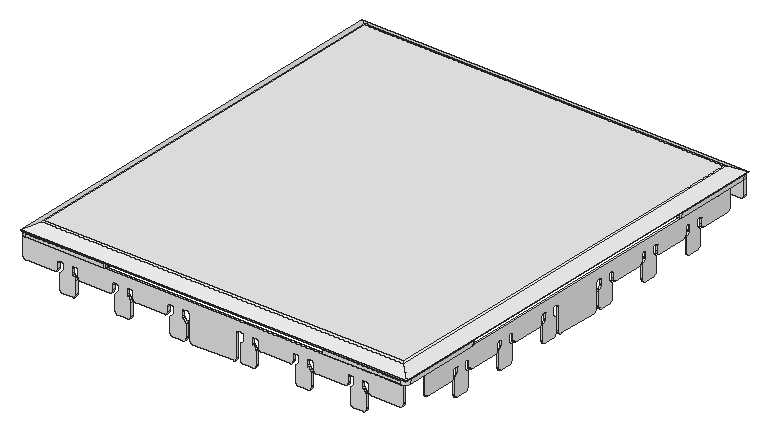
Revit family "Access_Door-Adjustable-Access-Best Access Doors-BA-RADJ", category Specialty Equipment, host Face, Revit 2017
Family settings
  Host = Face
  Round Connector Dimension = Use Diameter
  Part Type = Normal
  OmniClass Number = 23.30.10.27.17
  Cut with Voids When Loaded = No
  Shared = No
  Room Calculation Point = No
Parameters (values of type "14 x 15.5")
  Width Actual = Door Width Calc  # 14"
  URL = "https://www.bestaccessdoors.com/"
  Product data url = "https://bimobject.com/best-access-doors/product/adjustable-access-panel-cover"
  Product Page URL = ""
  Product Documentation Link = ""
  Model = "BA-RADJ"  # constant formula
  Material = ""
  Manufacturer = "Best Access Doors"  # constant formula
  Height Actual = Door Height Calc  # 15 1/2"
  Frame Depth = 1 45/128"  # constant formula
  Finish = Metal - Best Access Doors - Powder Coated White
  Door Width Calc = if(Door Width < 6", 6", if(Door Width > 15 1/2", 15 1/2", Door Width))  # 14"
  Door Width = 14"
  Door Open = no
  Door Closed [instance] = not(Door Open)  # yes
  Door Height Calc = if(Door Height < 6", 6", if(Door Height > 15 1/2", 15 1/2", Door Height))  # 15 1/2"
  Door Height = 15 1/2"
  Description = "Adjustable Access Door"  # constant formula
  Default Elevation = 0"
  Cut Out Length [instance] = 2"
  Construction Material = Metal - Best Access Doors - Aluminum
  Available Options = ""
  C Cut Out Length [instance] = if(Cut Out Length < Frame Depth, Frame Depth, Cut Out Length)  # 2"
  Assembly Code = "C1020700"
Reference planes (in)
  plane 1 "Center (Front/Back)": y = 0
  plane 2: z = 0
  plane 3 "Center (Left/Right)": x = 1
  plane 4 "Left": x = -6
  plane 5 "Right": x = 8
  plane 6 "Top": y = 7.75
  plane 7 "Bottom": y = -7.75
  plane 8: z = -2
  plane 9: z = -1.35156
Forms (in)
  Extrusion 1, void
    sketch origin (0, 0, 0) x (1, 0, 0) y (0, 1, 0)
      loop
        line (-5.75, 7.5) -> (-5.75, -7.5) -> (7.75, -7.5) -> (7.75, 7.5) -> (-5.75, 7.5)
    from -2 to 0
Dimensions and locks (in)
  equal spacing: plane 4 "Left", plane 3 "Center (Left/Right)", plane 5 "Right"
  "Door Width Calc": plane 4 "Left" to plane 5 "Right"
  equal spacing: plane 6 "Top", plane 1 "Center (Front/Back)", plane 7 "Bottom"
  "Door Height Calc": plane 6 "Top" to plane 7 "Bottom"
  "C Cut Out Length": plane 2 to plane 8
  "Frame Depth": level to plane 9
  locked: Extrusion 1 sketch curve to plane 6 "Top" at 0.25
  locked: Extrusion 1 sketch curve to plane 7 "Bottom" at 0.25
  locked: plane 4 "Left" to Extrusion 1 sketch curve at 0.25
  locked: Extrusion 1 sketch curve to plane 5 "Right" at 0.25
  aligned and locked: plane 2 to host face
  aligned and locked: level to host face
  aligned and locked: plane 2 to Extrusion 1
  aligned and locked: plane 8 to Extrusion 1
  aligned and locked: plane 3 "Center (Left/Right)" to nested 2
  aligned and locked: plane 1 "Center (Front/Back)" to nested 2
  aligned and locked: plane 3 "Center (Left/Right)" to nested 1
  aligned and locked: plane 1 "Center (Front/Back)" to nested 1
  aligned and locked: level to nested 3
  aligned and locked: plane 1 "Center (Front/Back)" to nested 3
Automatic sketch dimensions
  host sketch curve to host sketch curve = 96"  (x2)
Nested families (in)
  nested 1: "1-Door_Base" at (6, 0, 0.125), visible <- "Door Closed", type "1-Door_Base"
    with Door Width 14", Door Height 15 1/2"
  nested 2: "1-Frame_Base" at (24.5, 3.01001, 0), type "1-Frame_Base"
    with Frame Width 14", Frame Height 15 1/2"
  nested 3: "1-Door_Base" at (-6, 0, 2) x (0, 0, -1) z (-1, 0, 0), visible <- "Door Open", type "1-Door_Base"
    with Door Width 14", Door Height 15 1/2"
Definition of nested family "1-Door_Base"
  Parameters
    Finish = none
    Door Width = 6"
    Door Height = 7 1/2"
    Door Depth [instance] = 1.03057"
    Default Elevation = 48"
    Assembly Code = ""
  Reference planes (in)
    plane 1 "Center (Front/Back)": y = 0
    plane 2 "Wall": z = 0
    plane 3 "Center (Left/Right)": x = -9
    plane 4 "Left": x = -12
    plane 5 "Right": x = -6
    plane 6 "Top": y = 3.75
    plane 7 "Bottom": y = -3.75
    plane 8: y = 3.75
    plane 9: y = -3.75
    plane 10 "Front": z = 0.125
    plane 11: z = 0.29292
  Forms (in)
    Sweep 1, solid, material <- "Finish"
      path origin (0, 0, 0) x (1, 0, 0) y (0, 1, 0)
        loop
          line (-11.52336, 3.27336) -> (-11.52336, -3.27336) -> (-6.47664, -3.27336) -> (-6.47664, 3.27336) -> (-11.52336, 3.27336)
      profile origin (-11.52336, 0, 0) x (1, 0, 0) y (0, 0, 1)
        loop
          line (0.02603, 0) -> (0.02603, 0.29292)
          arc (0.02603, 0.29292) -> (-0.01144, 0.28846) -> (-0.04668, 0.27498) r 0.1533
          line (-0.04668, 0.27498) -> (-0.47664, 0.04637) -> (-0.45198, 0) -> (0.02603, 0)
    Extrusion 2, solid, material <- "Finish"
      sketch origin (0, 0, 0) x (1, 0, 0) y (0, 1, 0)
        loop
          line (-11.49733, 3.24733) -> (-11.49733, -3.24733) -> (-6.50267, -3.24733) -> (-6.50267, 3.24733) -> (-11.49733, 3.24733)
      from 0.125 to 0.29292
  Cuts and joins
    joined: Sweep 1, Extrusion 2
  Lines and regions (in)
    Masking region 1, detail levels coarse
      outline origin (0, 0, 0) x (1, 0, 0) y (0, 0, 1)
        loop
          line (-12, 0.29292) -> (-12, 0) -> (-6, 0) -> (-6, 0.29292) -> (-12, 0.29292)
    Masking region 2, detail levels medium+fine
      outline origin (0, 0, 0) x (1, 0, 0) y (0, 0, 1)
        loop
          line (-12, 0.04637) -> (-11.97534, 0) -> (-6.02466, 0) -> (-6, 0.04637) -> (-6.42996, 0.27498)
          arc (-6.42996, 0.27498) -> (-6.4652, 0.28846) -> (-6.50267, 0.29292) r 0.1533
          line (-6.50267, 0.29292) -> (-11.49733, 0.29292)
          arc (-11.49733, 0.29292) -> (-11.5348, 0.28846) -> (-11.57004, 0.27498) r 0.1533
          line (-11.57004, 0.27498) -> (-12, 0.04637)
    Masking region 3, detail levels coarse
      outline origin (-9, 0, 0) x (0, 1, 0) y (0, 0, 1)
        loop
          line (3.75, 0.29292) -> (-3.75, 0.29292) -> (-3.75, 0) -> (3.75, 0) -> (3.75, 0.29292)
    Masking region 4, detail levels medium+fine
      outline origin (-9, 0, 0) x (0, 1, 0) y (0, 0, 1)
        loop
          line (3.72534, 0) -> (3.75, 0.04637) -> (3.32004, 0.27498)
          arc (3.32004, 0.27498) -> (3.2848, 0.28846) -> (3.24733, 0.29292) r 0.1533
          line (3.24733, 0.29292) -> (-3.24733, 0.29292)
          arc (-3.24733, 0.29292) -> (-3.2848, 0.28846) -> (-3.32004, 0.27498) r 0.1533
          line (-3.32004, 0.27498) -> (-3.75, 0.04637) -> (-3.72534, 0) -> (3.72534, 0)
    Masking region 5
      outline origin (0, 0, 0) x (1, 0, 0) y (0, 1, 0)
        loop
          line (-12, 3.75) -> (-12, -3.75) -> (-6, -3.75) -> (-6, 3.75) -> (-12, 3.75)
    symbolic lines, detail levels fine
      curve 1: line (-6, 0, 0.04637) -> (-12, 0, 0.04637)
      curve 2: line (-9, -3.75, 0.04637) -> (-9, 3.75, 0.04637)
      curve 7: line (-11.49733, -3.24733, 0) -> (-12, -3.75, 0)
      curve 8: line (-12, 3.75, 0) -> (-11.49733, 3.24733, 0)
      curve 9: line (-6, 3.75, 0) -> (-6.50267, 3.24733, 0)
      curve 10: line (-6, -3.75, 0) -> (-6.50267, -3.24733, 0)
    symbolic lines, detail levels medium+fine
      curve 3: line (-11.49733, -3.24733, 0) -> (-11.49733, 3.24733, 0)
      curve 4: line (-11.49733, 3.24733, 0) -> (-6.50267, 3.24733, 0)
      curve 5: line (-6.50267, -3.24733, 0) -> (-11.49733, -3.24733, 0)
      curve 6: line (-6.50267, 3.24733, 0) -> (-6.50267, -3.24733, 0)
  Dimensions and locks (in)
    equal spacing: plane 4 "Left", plane 3 "Center (Left/Right)", plane 5 "Right"
    plane 6 "Top" to plane 8 = 0"
    plane 9 to plane 7 "Bottom" = 0"
    equal spacing: plane 6 "Top", plane 1 "Center (Front/Back)", plane 7 "Bottom"
    "Door Height": plane 6 "Top" to plane 7 "Bottom"
    "Door Width": plane 4 "Left" to plane 5 "Right"
    aligned and locked: level to plane 2 "Wall"
    aligned and locked: plane 11 to Masking region 1 sketch curve
    aligned and locked: plane 5 "Right" to Masking region 1 sketch curve
    aligned and locked: plane 2 "Wall" to Masking region 1 sketch curve
    aligned and locked: plane 4 "Left" to Masking region 1 sketch curve
    aligned and locked: Masking region 2 sketch curve to cut or joined group of Sweep 1, Extrusion 2  (x6)
    aligned and locked: Masking region 2 sketch curve to plane 2 "Wall"
    aligned and locked: curve 1 to cut or joined group of Sweep 1, Extrusion 2
    aligned and locked: plane 11 to Masking region 3 sketch curve
    aligned and locked: plane 9 to Masking region 3 sketch curve
    aligned and locked: plane 2 "Wall" to Masking region 3 sketch curve
    aligned and locked: Masking region 3 sketch curve to plane 8
    aligned and locked: Masking region 4 sketch curve to cut or joined group of Sweep 1, Extrusion 2  (x6)
    aligned and locked: cut or joined group of Sweep 1, Extrusion 2 to Masking region 4 sketch curve
    aligned and locked: curve 2 to cut or joined group of Sweep 1, Extrusion 2
    aligned and locked: Masking region 5 sketch curve to plane 8
    aligned and locked: plane 5 "Right" to Masking region 5 sketch curve
    aligned and locked: plane 9 to Masking region 5 sketch curve
    aligned and locked: plane 4 "Left" to Masking region 5 sketch curve
    aligned and locked: curve 3 to cut or joined group of Sweep 1, Extrusion 2
    aligned and locked: curve 4 to cut or joined group of Sweep 1, Extrusion 2
    aligned and locked: curve 5 to cut or joined group of Sweep 1, Extrusion 2
    aligned and locked: curve 6 to cut or joined group of Sweep 1, Extrusion 2
    aligned and locked: curve 7 to cut or joined group of Sweep 1, Extrusion 2
    aligned and locked: curve 8 to cut or joined group of Sweep 1, Extrusion 2
    aligned and locked: curve 9 to cut or joined group of Sweep 1, Extrusion 2
    aligned and locked: curve 10 to cut or joined group of Sweep 1, Extrusion 2
  Automatic sketch dimensions
    plane 4 "Left" to Sweep 1 sketch curve = 0.47664"
    plane 5 "Right" to Sweep 1 sketch curve = 0.47664"
    plane 7 "Bottom" to Sweep 1 sketch curve = 0.47664"
    Sweep 1 sketch curve to plane 6 "Top" = 0.47664"
    Sweep 1 sketch curve to level = 0"
    level to Sweep 1 sketch curve = 0.04637"
    profile plane to Sweep 1 sketch curve = 0.47664"
    Sweep 1 sketch curve to Sweep 1 sketch curve = 0.02466"
    profile plane to Sweep 1 sketch curve = 0.04668"
    Sweep 1 sketch curve to profile plane = 0.02529"
    Sweep 1 sketch curve to profile plane = 0.02603"
    level to Sweep 1 sketch curve = 0.13962"
    plane 4 "Left" to Extrusion 2 sketch curve = 0.50267"
    plane 5 "Right" to Extrusion 2 sketch curve = 0.50267"
    plane 7 "Bottom" to Extrusion 2 sketch curve = 0.50267"
    Extrusion 2 sketch curve to plane 6 "Top" = 0.50267"
    plane 11 to Masking region 2 sketch curve = 0.01794"  (x2)
    curve 1 to plane 4 "Left" = 0"
    plane 5 "Right" to curve 1 = 0"
    plane 11 to Masking region 4 sketch curve = 0.01794"  (x2)
    curve 2 to plane 6 "Top" = 0"
    plane 7 "Bottom" to curve 2 = 0"
    curve 8 to plane 4 "Left" = 0"
    curve 7 to plane 4 "Left" = 0"
    curve 9 to plane 6 "Top" = 0"
    plane 5 "Right" to curve 10 = 0"
Definition of nested family "1-Frame_Base"
  Parameters
    Frame Width = 6"
    Frame Height = 7 1/2"
    Finish = none
    Assembly Code = ""
  Reference planes (in)
    plane 1 "Center (Front/Back)": y = -3.01001
    plane 2 "Wall": z = 0
    plane 3 "Center (Left/Right)": x = -27.5
    plane 4 "Left": x = -30.5
    plane 5 "Right": x = -24.5
    plane 6 "Top": y = 0.73999
    plane 7 "Bottom": y = -6.76001
    plane 8 "Front": z = 0.125
    plane 9 "Back": z = -1.35319
  Dimensions and locks (in)
    equal spacing: plane 6 "Top", plane 1 "Center (Front/Back)", plane 7 "Bottom"
    equal spacing: plane 4 "Left", plane 3 "Center (Left/Right)", plane 5 "Right"
    "Frame Width": plane 4 "Left" to plane 5 "Right"
    "Frame Height": plane 6 "Top" to plane 7 "Bottom"
    aligned and locked: level to plane 2 "Wall"
    aligned and locked: plane 3 "Center (Left/Right)" to nested 1
    aligned: plane 6 "Top" to nested 2
    aligned: nested 1 to plane 7 "Bottom"
    aligned and locked: plane 3 "Center (Left/Right)" to nested 2
    aligned: plane 2 "Wall" to nested 3
    aligned and locked: nested 3 to plane 1 "Center (Front/Back)"
    aligned: nested 3 to plane 4 "Left"
    aligned: nested 4 to plane 5 "Right"
    aligned and locked: nested 4 to plane 1 "Center (Front/Back)"
    aligned and locked: nested 3 to plane 4 "Left"
    aligned and locked: nested 4 to plane 5 "Right"
    aligned and locked: plane 6 "Top" to nested 2
    aligned and locked: nested 1 to plane 7 "Bottom"
    aligned and locked: plane 6 "Top" to nested 5
    aligned and locked: nested 5 to plane 5 "Right"
    aligned and locked: plane 5 "Right" to nested 6
    aligned and locked: plane 7 "Bottom" to nested 6
    aligned and locked: nested 7 to plane 4 "Left"
    aligned and locked: nested 7 to plane 7 "Bottom"
    aligned and locked: nested 8 to plane 6 "Top"
    aligned and locked: plane 4 "Left" to nested 8
  Nested families (in)
    nested 1: "1-Frame_Base-Side" at (-27.5, -6.69751, -0.85109) x (1, 0, 0) z (0, -1, 0), type "1-Frame_Base-Side"
      with Frame Width 6", Frame Height 15 1/2"
    nested 2: "1-Frame_Base-Side" at (-27.5, 0.73999, -0.85109) x (1, 0, 0) z (0, -1, 0), type "1-Frame_Base-Side"
      with Frame Width 6", Frame Height 15 1/2"
    nested 3: "1-Frame_Base-Side" at (-30.5, -3.01001, -0.85109) x (0, 1, 0) z (1, 0, 0), type "1-Frame_Base-Side 2"
    nested 4: "1-Frame_Base-Side" at (-24.5625, -3.01001, -0.85109) x (0, 1, 0) z (1, 0, 0), type "1-Frame_Base-Side 2"
    nested 5: "Family13" at (-26.03118, -0.7912, 0), type "Family13"
    nested 6: "Family13" at (-26.03118, -5.22883, 0), type "Family13"
    nested 7: "Family13" at (-28.96882, -5.22883, 0) x (-1, 0, 0) z (0, 0, 1), type "Family13"
    nested 8: "Family13" at (-28.96882, -0.7912, 0) x (-1, 0, 0) z (0, 0, 1), type "Family13"
  Definition of nested family "1-Frame_Base-Side"
    Parameters
      a = 7.74095"
      Frame Width = 14"
      Frame Side 5 = if(and(not(Frame Side 1), not(Frame Side 2), not(Frame Side 3), not(Frame Side 4)), 1 = 1, 1 = 0)  # no
      Frame Side 4 = or((and(not(Frame Width < 12"), Frame Width < 14")), (and(not(Frame Height < 12"), Frame Height < 14")))  # no
      Frame Side 3 = or((and(not(Frame Width < 10"), Frame Width < 12")), (and(not(Frame Height < 10"), Frame Height < 12")))  # no
      Frame Side 2 = or((and(not(Frame Width < 8"), Frame Width < 10")), (and(not(Frame Height < 8"), Frame Height < 10")))  # no
      Frame Side 1 = or((and(not(Frame Width < 6"), Frame Width < 8")), (and(not(Frame Height < 6"), Frame Height < 8")))  # yes
      Frame Height = 7 1/2"
      Finish = none
      Default Elevation = 48"
      Assembly Code = ""
    Reference planes (in)
      plane 1 "Center (Front/Back)": y = 0.17449
      plane 2: z = 0
      plane 3 "Center (Left/Right)": x = 0
      plane 4 "Top": y = 0.85109
      plane 5 "Bottom": y = -0.5021
      plane 6: z = 0.0625
      plane 7: x = -2.90625
      plane 8: x = 2.90625
    Forms (in)
      Extrusion 1, solid, material <- "Finish", visible <- "Frame Side 1"
        sketch origin (0, 0, 0) x (1, 0, 0) y (0, 1, 0)
          loop
            line (2.90625, 0.85109) -> (-2.90625, 0.85109) -> (-2.90625, 0.24509)
            arc (-2.90625, 0.24509) -> (-2.86984, 0.15731) -> (-2.78203, 0.12096) r 0.12422
            line (-2.78203, 0.12096) -> (-1.75889, 0.12096)
            arc (-1.75889, 0.12096) -> (-1.6711, 0.1573) -> (-1.63467, 0.24506) r 0.12422
            line (-1.63467, 0.24506) -> (-1.63467, 0.432)
            arc (-1.63467, 0.432) -> (-1.61139, 0.48821) -> (-1.55518, 0.51149) r 0.0795
            line (-1.55518, 0.51149) -> (-1.50673, 0.51149)
            arc (-1.50673, 0.51149) -> (-1.45055, 0.48824) -> (-1.42724, 0.43207) r 0.0795
            line (-1.42724, 0.43207) -> (-1.42724, 0.29607)
            arc (-1.42724, 0.29607) -> (-1.43329, 0.26556) -> (-1.45058, 0.23972) r 0.0795
            line (-1.45058, 0.23972) -> (-1.54183, 0.14847)
            arc (-1.54183, 0.14847) -> (-1.55904, 0.12272) -> (-1.56511, 0.09235) r 0.0795
            line (-1.56511, 0.09235) -> (-1.56511, -0.37801)
            arc (-1.56511, -0.37801) -> (-1.52869, -0.46577) -> (-1.4409, -0.5021) r 0.12422
            line (-1.4409, -0.5021) -> (-1.10303, -0.5021)
            arc (-1.10303, -0.5021) -> (-1.0152, -0.46572) -> (-0.97882, -0.37789) r 0.12422
            line (-0.97882, -0.37789) -> (-0.97882, 0.09225)
            arc (-0.97882, 0.09225) -> (-0.98487, 0.12268) -> (-1.0021, 0.14847) r 0.0795
            line (-1.0021, 0.14847) -> (-1.09341, 0.23978)
            arc (-1.09341, 0.23978) -> (-1.11065, 0.26557) -> (-1.1167, 0.29599) r 0.0795
            line (-1.1167, 0.29599) -> (-1.1167, 0.432)
            arc (-1.1167, 0.432) -> (-1.09341, 0.48821) -> (-1.0372, 0.51149) r 0.0795
            line (-1.0372, 0.51149) -> (-0.9341, 0.51149)
            arc (-0.9341, 0.51149) -> (-0.87789, 0.48821) -> (-0.8546, 0.432) r 0.0795
            line (-0.8546, 0.432) -> (-0.8546, -0.37795)
            arc (-0.8546, -0.37795) -> (-0.8182, -0.46574) -> (-0.73039, -0.5021) r 0.12422
            line (-0.73039, -0.5021) -> (0.73039, -0.5021)
            arc (0.73039, -0.5021) -> (0.81824, -0.4657) -> (0.8546, -0.37783) r 0.12422
            line (0.8546, -0.37783) -> (0.8546, 0.432)
            arc (0.8546, 0.432) -> (0.87789, 0.48821) -> (0.9341, 0.51149) r 0.0795
            line (0.9341, 0.51149) -> (1.0372, 0.51149)
            arc (1.0372, 0.51149) -> (1.09341, 0.48821) -> (1.1167, 0.432) r 0.0795
            line (1.1167, 0.432) -> (1.1167, 0.29599)
            arc (1.1167, 0.29599) -> (1.11065, 0.26557) -> (1.09341, 0.23978) r 0.0795
            line (1.09341, 0.23978) -> (1.0021, 0.14847)
            arc (1.0021, 0.14847) -> (0.98487, 0.12268) -> (0.97882, 0.09225) r 0.0795
            line (0.97882, 0.09225) -> (0.97882, -0.37789)
            arc (0.97882, -0.37789) -> (1.0152, -0.46572) -> (1.10303, -0.5021) r 0.12422
            line (1.10303, -0.5021) -> (1.4409, -0.5021)
            arc (1.4409, -0.5021) -> (1.52878, -0.46568) -> (1.56511, -0.37777) r 0.12422
            line (1.56511, -0.37777) -> (1.56511, 0.09216)
            arc (1.56511, 0.09216) -> (1.55908, 0.12263) -> (1.54183, 0.14847) r 0.0795
            line (1.54183, 0.14847) -> (1.45058, 0.23972)
            arc (1.45058, 0.23972) -> (1.43332, 0.26549) -> (1.42724, 0.29592) r 0.0795
            line (1.42724, 0.29592) -> (1.42724, 0.43192)
            arc (1.42724, 0.43192) -> (1.45049, 0.48818) -> (1.50673, 0.51149) r 0.0795
            line (1.50673, 0.51149) -> (1.55518, 0.51149)
            arc (1.55518, 0.51149) -> (1.61139, 0.48821) -> (1.63467, 0.432) r 0.0795
            line (1.63467, 0.432) -> (1.63467, 0.24506)
            arc (1.63467, 0.24506) -> (1.6711, 0.1573) -> (1.75889, 0.12096) r 0.12422
            line (1.75889, 0.12096) -> (2.78203, 0.12096)
            arc (2.78203, 0.12096) -> (2.86984, 0.15731) -> (2.90625, 0.24509) r 0.12422
            line (2.90625, 0.24509) -> (2.90625, 0.85109)
        from 0 to 0.0625
      Extrusion 2, solid, material <- "Finish", visible <- "Frame Side 2"
        sketch origin (0, 0, 0) x (1, 0, 0) y (0, 1, 0)
          loop
            line (1.56511, -0.37777) -> (1.56511, 0.09235)
            arc (1.56511, 0.09235) -> (1.55904, 0.12272) -> (1.54183, 0.14847) r 0.0795
            line (1.54183, 0.14847) -> (1.45058, 0.23972)
            arc (1.45058, 0.23972) -> (1.43332, 0.26549) -> (1.42724, 0.29592) r 0.0795
            line (1.42724, 0.29592) -> (1.42724, 0.43192)
            arc (1.42724, 0.43192) -> (1.45049, 0.48818) -> (1.50673, 0.51149) r 0.0795
            line (1.50673, 0.51149) -> (1.74771, 0.51149)
            arc (1.74771, 0.51149) -> (1.80392, 0.48821) -> (1.82721, 0.432) r 0.0795
            line (1.82721, 0.432) -> (1.82721, 0.29599)
            arc (1.82721, 0.29599) -> (1.82116, 0.26557) -> (1.80392, 0.23978) r 0.0795
            line (1.80392, 0.23978) -> (1.71261, 0.14847)
            arc (1.71261, 0.14847) -> (1.69538, 0.12268) -> (1.68933, 0.09225) r 0.0795
            line (1.68933, 0.09225) -> (1.68933, -0.37789)
            arc (1.68933, -0.37789) -> (1.72571, -0.46572) -> (1.81354, -0.5021) r 0.12422
            line (1.81354, -0.5021) -> (2.15141, -0.5021)
            arc (2.15141, -0.5021) -> (2.23929, -0.46568) -> (2.27563, -0.37777) r 0.12422
            line (2.27563, -0.37777) -> (2.27563, 0.09235)
            arc (2.27563, 0.09235) -> (2.26956, 0.12272) -> (2.25234, 0.14847) r 0.0795
            line (2.25234, 0.14847) -> (2.16109, 0.23972)
            arc (2.16109, 0.23972) -> (2.14383, 0.26549) -> (2.13775, 0.29592) r 0.0795
            line (2.13775, 0.29592) -> (2.13775, 0.43192)
            arc (2.13775, 0.43192) -> (2.16101, 0.48818) -> (2.21725, 0.51149) r 0.0795
            line (2.21725, 0.51149) -> (2.26569, 0.51149)
            arc (2.26569, 0.51149) -> (2.3219, 0.48821) -> (2.34519, 0.432) r 0.0795
            line (2.34519, 0.432) -> (2.34519, 0.24506)
            arc (2.34519, 0.24506) -> (2.38161, 0.1573) -> (2.4694, 0.12096) r 0.12422
            line (2.4694, 0.12096) -> (3.49255, 0.12096)
            arc (3.49255, 0.12096) -> (3.58041, 0.15737) -> (3.61676, 0.24526) r 0.12422
            line (3.61676, 0.24526) -> (3.61676, 0.85109) -> (-3.61676, 0.85109) -> (-3.61676, 0.24509)
            arc (-3.61676, 0.24509) -> (-3.58035, 0.15731) -> (-3.49255, 0.12096) r 0.12422
            line (-3.49255, 0.12096) -> (-2.4694, 0.12096)
            arc (-2.4694, 0.12096) -> (-2.38153, 0.15738) -> (-2.34519, 0.24529) r 0.12422
            line (-2.34519, 0.24529) -> (-2.34519, 0.432)
            arc (-2.34519, 0.432) -> (-2.3219, 0.48821) -> (-2.26569, 0.51149) r 0.0795
            line (-2.26569, 0.51149) -> (-2.21725, 0.51149)
            arc (-2.21725, 0.51149) -> (-2.16106, 0.48824) -> (-2.13775, 0.43207) r 0.0795
            line (-2.13775, 0.43207) -> (-2.13775, 0.29607)
            arc (-2.13775, 0.29607) -> (-2.14383, 0.26549) -> (-2.16109, 0.23972) r 0.0795
            line (-2.16109, 0.23972) -> (-2.25234, 0.14847)
            arc (-2.25234, 0.14847) -> (-2.26959, 0.12263) -> (-2.27563, 0.09216) r 0.0795
            line (-2.27563, 0.09216) -> (-2.27563, -0.37777)
            arc (-2.27563, -0.37777) -> (-2.23929, -0.46568) -> (-2.15141, -0.5021) r 0.12422
            line (-2.15141, -0.5021) -> (-1.81354, -0.5021)
            arc (-1.81354, -0.5021) -> (-1.72571, -0.46572) -> (-1.68933, -0.37789) r 0.12422
            line (-1.68933, -0.37789) -> (-1.68933, 0.09225)
            arc (-1.68933, 0.09225) -> (-1.69538, 0.12268) -> (-1.71261, 0.14847) r 0.0795
            line (-1.71261, 0.14847) -> (-1.80392, 0.23978)
            arc (-1.80392, 0.23978) -> (-1.82116, 0.26557) -> (-1.82721, 0.29599) r 0.0795
            line (-1.82721, 0.29599) -> (-1.82721, 0.432)
            arc (-1.82721, 0.432) -> (-1.80392, 0.48821) -> (-1.74771, 0.51149) r 0.0795
            line (-1.74771, 0.51149) -> (-1.50673, 0.51149)
            arc (-1.50673, 0.51149) -> (-1.45055, 0.48824) -> (-1.42724, 0.43207) r 0.0795
            line (-1.42724, 0.43207) -> (-1.42724, 0.29607)
            arc (-1.42724, 0.29607) -> (-1.43332, 0.26549) -> (-1.45058, 0.23972) r 0.0795
            line (-1.45058, 0.23972) -> (-1.54183, 0.14847)
            arc (-1.54183, 0.14847) -> (-1.55908, 0.12263) -> (-1.56511, 0.09216) r 0.0795
            line (-1.56511, 0.09216) -> (-1.56511, -0.37777)
            arc (-1.56511, -0.37777) -> (-1.52878, -0.46568) -> (-1.4409, -0.5021) r 0.12422
            line (-1.4409, -0.5021) -> (-1.10303, -0.5021)
            arc (-1.10303, -0.5021) -> (-1.0152, -0.46572) -> (-0.97882, -0.37789) r 0.12422
            line (-0.97882, -0.37789) -> (-0.97882, 0.09225)
            arc (-0.97882, 0.09225) -> (-0.98487, 0.12268) -> (-1.0021, 0.14847) r 0.0795
            line (-1.0021, 0.14847) -> (-1.09341, 0.23978)
            arc (-1.09341, 0.23978) -> (-1.11065, 0.26557) -> (-1.1167, 0.29599) r 0.0795
            line (-1.1167, 0.29599) -> (-1.1167, 0.432)
            arc (-1.1167, 0.432) -> (-1.09341, 0.48821) -> (-1.0372, 0.51149) r 0.0795
            line (-1.0372, 0.51149) -> (-0.9341, 0.51149)
            arc (-0.9341, 0.51149) -> (-0.87789, 0.48821) -> (-0.8546, 0.432) r 0.0795
            line (-0.8546, 0.432) -> (-0.8546, -0.37795)
            arc (-0.8546, -0.37795) -> (-0.8182, -0.46574) -> (-0.73039, -0.5021) r 0.12422
            line (-0.73039, -0.5021) -> (0.73039, -0.5021)
            arc (0.73039, -0.5021) -> (0.81824, -0.4657) -> (0.8546, -0.37783) r 0.12422
            line (0.8546, -0.37783) -> (0.8546, 0.432)
            arc (0.8546, 0.432) -> (0.87789, 0.48821) -> (0.9341, 0.51149) r 0.0795
            line (0.9341, 0.51149) -> (1.0372, 0.51149)
            arc (1.0372, 0.51149) -> (1.09341, 0.48821) -> (1.1167, 0.432) r 0.0795
            line (1.1167, 0.432) -> (1.1167, 0.29599)
            arc (1.1167, 0.29599) -> (1.11065, 0.26557) -> (1.09341, 0.23978) r 0.0795
            line (1.09341, 0.23978) -> (1.0021, 0.14847)
            arc (1.0021, 0.14847) -> (0.98487, 0.12268) -> (0.97882, 0.09225) r 0.0795
            line (0.97882, 0.09225) -> (0.97882, -0.37789)
            arc (0.97882, -0.37789) -> (1.0152, -0.46572) -> (1.10303, -0.5021) r 0.12422
            line (1.10303, -0.5021) -> (1.4409, -0.5021)
            arc (1.4409, -0.5021) -> (1.52878, -0.46568) -> (1.56511, -0.37777) r 0.12422
        from 0 to 0.0625
      Extrusion 3, solid, material <- "Finish", visible <- "Frame Side 4"
        sketch origin (0, 0, 0) x (1, 0, 0) y (0, 1, 0)
          loop
            line (1.56511, -0.37777) -> (1.56511, 0.09235)
            arc (1.56511, 0.09235) -> (1.55904, 0.12272) -> (1.54183, 0.14847) r 0.0795
            line (1.54183, 0.14847) -> (1.45058, 0.23972)
            arc (1.45058, 0.23972) -> (1.43332, 0.26549) -> (1.42724, 0.29592) r 0.0795
            line (1.42724, 0.29592) -> (1.42724, 0.43192)
            arc (1.42724, 0.43192) -> (1.45049, 0.48818) -> (1.50673, 0.51149) r 0.0795
            line (1.50673, 0.51149) -> (1.74771, 0.51149)
            arc (1.74771, 0.51149) -> (1.80392, 0.48821) -> (1.82721, 0.432) r 0.0795
            line (1.82721, 0.432) -> (1.82721, 0.29599)
            arc (1.82721, 0.29599) -> (1.82116, 0.26557) -> (1.80392, 0.23978) r 0.0795
            line (1.80392, 0.23978) -> (1.71261, 0.14847)
            arc (1.71261, 0.14847) -> (1.69538, 0.12268) -> (1.68933, 0.09225) r 0.0795
            line (1.68933, 0.09225) -> (1.68933, -0.37789)
            arc (1.68933, -0.37789) -> (1.72571, -0.46572) -> (1.81354, -0.5021) r 0.12422
            line (1.81354, -0.5021) -> (2.15141, -0.5021)
            arc (2.15141, -0.5021) -> (2.23929, -0.46568) -> (2.27563, -0.37777) r 0.12422
            line (2.27563, -0.37777) -> (2.27563, 0.09235)
            arc (2.27563, 0.09235) -> (2.26956, 0.12272) -> (2.25234, 0.14847) r 0.0795
            line (2.25234, 0.14847) -> (2.16109, 0.23972)
            arc (2.16109, 0.23972) -> (2.14383, 0.26549) -> (2.13775, 0.29592) r 0.0795
            line (2.13775, 0.29592) -> (2.13775, 0.43192)
            arc (2.13775, 0.43192) -> (2.16101, 0.48818) -> (2.21725, 0.51149) r 0.0795
            line (2.21725, 0.51149) -> (2.26569, 0.51149)
            arc (2.26569, 0.51149) -> (2.3219, 0.48821) -> (2.34519, 0.432) r 0.0795
            line (2.34519, 0.432) -> (2.34519, 0.24506)
            arc (2.34519, 0.24506) -> (2.38161, 0.1573) -> (2.4694, 0.12096) r 0.12422
            line (2.4694, 0.12096) -> (3.49255, 0.12096)
            arc (3.49255, 0.12096) -> (3.58038, 0.15734) -> (3.61676, 0.24518) r 0.12422
            line (3.61676, 0.24518) -> (3.61715, 0.432)
            arc (3.61715, 0.432) -> (3.64044, 0.48821) -> (3.69665, 0.51149) r 0.0795
            line (3.69665, 0.51149) -> (3.74509, 0.51149)
            arc (3.74509, 0.51149) -> (3.80128, 0.48824) -> (3.82459, 0.43207) r 0.0795
            line (3.82459, 0.43207) -> (3.82459, 0.29607)
            arc (3.82459, 0.29607) -> (3.81851, 0.26549) -> (3.80125, 0.23972) r 0.0795
            line (3.80125, 0.23972) -> (3.71, 0.14847)
            arc (3.71, 0.14847) -> (3.69275, 0.12263) -> (3.68671, 0.09216) r 0.0795
            line (3.68671, 0.09216) -> (3.68671, -0.37777)
            arc (3.68671, -0.37777) -> (3.72305, -0.46568) -> (3.81093, -0.5021) r 0.12422
            line (3.81093, -0.5021) -> (4.14879, -0.5021)
            arc (4.14879, -0.5021) -> (4.23663, -0.46572) -> (4.27301, -0.37789) r 0.12422
            line (4.27301, -0.37789) -> (4.27301, 0.09225)
            arc (4.27301, 0.09225) -> (4.26696, 0.12268) -> (4.24973, 0.14847) r 0.0795
            line (4.24973, 0.14847) -> (4.15842, 0.23978)
            arc (4.15842, 0.23978) -> (4.14118, 0.26557) -> (4.13513, 0.29599) r 0.0795
            line (4.13513, 0.29599) -> (4.13513, 0.432)
            arc (4.13513, 0.432) -> (4.15842, 0.48821) -> (4.21463, 0.51149) r 0.0795
            line (4.21463, 0.51149) -> (4.26307, 0.51149)
            arc (4.26307, 0.51149) -> (4.31929, 0.48821) -> (4.34257, 0.432) r 0.0795
            line (4.34257, 0.432) -> (4.34257, 0.24506)
            arc (4.34257, 0.24506) -> (4.37899, 0.1573) -> (4.46679, 0.12096) r 0.12422
            line (4.46679, 0.12096) -> (5.48993, 0.12096)
            arc (5.48993, 0.12096) -> (5.57776, 0.15734) -> (5.61415, 0.24518) r 0.12422
            line (5.61415, 0.24518) -> (5.61454, 0.85109) -> (-5.61454, 0.85109) -> (-5.61454, 0.24518)
            arc (-5.61454, 0.24518) -> (-5.57776, 0.15734) -> (-5.48993, 0.12096) r 0.12422
            line (-5.48993, 0.12096) -> (-4.46679, 0.12096)
            arc (-4.46679, 0.12096) -> (-4.37891, 0.15738) -> (-4.34257, 0.24529) r 0.12422
            line (-4.34257, 0.24529) -> (-4.34257, 0.432)
            arc (-4.34257, 0.432) -> (-4.31929, 0.48821) -> (-4.26307, 0.51149) r 0.0795
            line (-4.26307, 0.51149) -> (-4.21463, 0.51149)
            arc (-4.21463, 0.51149) -> (-4.15842, 0.48821) -> (-4.13513, 0.432) r 0.0795
            line (-4.13513, 0.432) -> (-4.13513, 0.29599)
            arc (-4.13513, 0.29599) -> (-4.14118, 0.26557) -> (-4.15842, 0.23978) r 0.0795
            line (-4.15842, 0.23978) -> (-4.24973, 0.14847)
            arc (-4.24973, 0.14847) -> (-4.26696, 0.12268) -> (-4.27301, 0.09225) r 0.0795
            line (-4.27301, 0.09225) -> (-4.27301, -0.37789)
            arc (-4.27301, -0.37789) -> (-4.23663, -0.46572) -> (-4.14879, -0.5021) r 0.12422
            line (-4.14879, -0.5021) -> (-3.81093, -0.5021)
            arc (-3.81093, -0.5021) -> (-3.72305, -0.46568) -> (-3.68671, -0.37777) r 0.12422
            line (-3.68671, -0.37777) -> (-3.68671, 0.09235)
            arc (-3.68671, 0.09235) -> (-3.69278, 0.12272) -> (-3.71, 0.14847) r 0.0795
            line (-3.71, 0.14847) -> (-3.80125, 0.23972)
            arc (-3.80125, 0.23972) -> (-3.81851, 0.26549) -> (-3.82459, 0.29592) r 0.0795
            line (-3.82459, 0.29592) -> (-3.82459, 0.43192)
            arc (-3.82459, 0.43192) -> (-3.80133, 0.48818) -> (-3.74509, 0.51149) r 0.0795
            line (-3.74509, 0.51149) -> (-3.69665, 0.51149)
            arc (-3.69665, 0.51149) -> (-3.64044, 0.48821) -> (-3.61715, 0.432) r 0.0795
            line (-3.61715, 0.432) -> (-3.61676, 0.24518)
            arc (-3.61676, 0.24518) -> (-3.58038, 0.15734) -> (-3.49255, 0.12096) r 0.12422
            line (-3.49255, 0.12096) -> (-2.4694, 0.12096)
            arc (-2.4694, 0.12096) -> (-2.38153, 0.15738) -> (-2.34519, 0.24529) r 0.12422
            line (-2.34519, 0.24529) -> (-2.34519, 0.432)
            arc (-2.34519, 0.432) -> (-2.3219, 0.48821) -> (-2.26569, 0.51149) r 0.0795
            line (-2.26569, 0.51149) -> (-2.21725, 0.51149)
            arc (-2.21725, 0.51149) -> (-2.16106, 0.48824) -> (-2.13775, 0.43207) r 0.0795
            line (-2.13775, 0.43207) -> (-2.13775, 0.29607)
            arc (-2.13775, 0.29607) -> (-2.14383, 0.26549) -> (-2.16109, 0.23972) r 0.0795
            line (-2.16109, 0.23972) -> (-2.25234, 0.14847)
            arc (-2.25234, 0.14847) -> (-2.26959, 0.12263) -> (-2.27563, 0.09216) r 0.0795
            line (-2.27563, 0.09216) -> (-2.27563, -0.37777)
            arc (-2.27563, -0.37777) -> (-2.23929, -0.46568) -> (-2.15141, -0.5021) r 0.12422
            line (-2.15141, -0.5021) -> (-1.81354, -0.5021)
            arc (-1.81354, -0.5021) -> (-1.72571, -0.46572) -> (-1.68933, -0.37789) r 0.12422
            line (-1.68933, -0.37789) -> (-1.68933, 0.09225)
            arc (-1.68933, 0.09225) -> (-1.69538, 0.12268) -> (-1.71261, 0.14847) r 0.0795
            line (-1.71261, 0.14847) -> (-1.80392, 0.23978)
            arc (-1.80392, 0.23978) -> (-1.82116, 0.26557) -> (-1.82721, 0.29599) r 0.0795
            line (-1.82721, 0.29599) -> (-1.82721, 0.432)
            arc (-1.82721, 0.432) -> (-1.80392, 0.48821) -> (-1.74771, 0.51149) r 0.0795
            line (-1.74771, 0.51149) -> (-1.50673, 0.51149)
            arc (-1.50673, 0.51149) -> (-1.45055, 0.48824) -> (-1.42724, 0.43207) r 0.0795
            line (-1.42724, 0.43207) -> (-1.42724, 0.29607)
            arc (-1.42724, 0.29607) -> (-1.43332, 0.26549) -> (-1.45058, 0.23972) r 0.0795
            line (-1.45058, 0.23972) -> (-1.54183, 0.14847)
            arc (-1.54183, 0.14847) -> (-1.55908, 0.12263) -> (-1.56511, 0.09216) r 0.0795
            line (-1.56511, 0.09216) -> (-1.56511, -0.37777)
            arc (-1.56511, -0.37777) -> (-1.52878, -0.46568) -> (-1.4409, -0.5021) r 0.12422
            line (-1.4409, -0.5021) -> (-1.10303, -0.5021)
            arc (-1.10303, -0.5021) -> (-1.0152, -0.46572) -> (-0.97882, -0.37789) r 0.12422
            line (-0.97882, -0.37789) -> (-0.97882, 0.09225)
            arc (-0.97882, 0.09225) -> (-0.98487, 0.12268) -> (-1.0021, 0.14847) r 0.0795
            line (-1.0021, 0.14847) -> (-1.09341, 0.23978)
            arc (-1.09341, 0.23978) -> (-1.11065, 0.26557) -> (-1.1167, 0.29599) r 0.0795
            line (-1.1167, 0.29599) -> (-1.1167, 0.432)
            arc (-1.1167, 0.432) -> (-1.09341, 0.48821) -> (-1.0372, 0.51149) r 0.0795
            line (-1.0372, 0.51149) -> (-0.9341, 0.51149)
            arc (-0.9341, 0.51149) -> (-0.87789, 0.48821) -> (-0.8546, 0.432) r 0.0795
            line (-0.8546, 0.432) -> (-0.8546, -0.37783)
            arc (-0.8546, -0.37783) -> (-0.81824, -0.4657) -> (-0.73039, -0.5021) r 0.12422
            line (-0.73039, -0.5021) -> (0.73039, -0.5021)
            arc (0.73039, -0.5021) -> (0.81824, -0.4657) -> (0.8546, -0.37783) r 0.12422
            line (0.8546, -0.37783) -> (0.8546, 0.432)
            arc (0.8546, 0.432) -> (0.87789, 0.48821) -> (0.9341, 0.51149) r 0.0795
            line (0.9341, 0.51149) -> (1.0372, 0.51149)
            arc (1.0372, 0.51149) -> (1.09341, 0.48821) -> (1.1167, 0.432) r 0.0795
            line (1.1167, 0.432) -> (1.1167, 0.29599)
            arc (1.1167, 0.29599) -> (1.11065, 0.26557) -> (1.09341, 0.23978) r 0.0795
            line (1.09341, 0.23978) -> (1.0021, 0.14847)
            arc (1.0021, 0.14847) -> (0.98487, 0.12268) -> (0.97882, 0.09225) r 0.0795
            line (0.97882, 0.09225) -> (0.97882, -0.37789)
            arc (0.97882, -0.37789) -> (1.0152, -0.46572) -> (1.10303, -0.5021) r 0.12422
            line (1.10303, -0.5021) -> (1.4409, -0.5021)
            arc (1.4409, -0.5021) -> (1.52878, -0.46568) -> (1.56511, -0.37777) r 0.12422
        from 0 to 0.0625
      Extrusion 4, solid, material <- "Finish", visible <- "Frame Side 5"
        sketch origin (0, 0, 0) x (1, 0, 0) y (0, 1, 0)
          loop
            arc (0.73039, -0.5021) -> (0.81824, -0.4657) -> (0.8546, -0.37783) r 0.12422
            line (0.8546, -0.37783) -> (0.8546, 0.432)
            arc (0.8546, 0.432) -> (0.87789, 0.48821) -> (0.9341, 0.51149) r 0.0795
            line (0.9341, 0.51149) -> (1.0372, 0.51149)
            arc (1.0372, 0.51149) -> (1.09341, 0.48821) -> (1.1167, 0.432) r 0.0795
            line (1.1167, 0.432) -> (1.1167, 0.29599)
            arc (1.1167, 0.29599) -> (1.11065, 0.26557) -> (1.09341, 0.23978) r 0.0795
            line (1.09341, 0.23978) -> (1.0021, 0.14847)
            arc (1.0021, 0.14847) -> (0.98487, 0.12268) -> (0.97882, 0.09225) r 0.0795
            line (0.97882, 0.09225) -> (0.97882, -0.37789)
            arc (0.97882, -0.37789) -> (1.0152, -0.46572) -> (1.10303, -0.5021) r 0.12422
            line (1.10303, -0.5021) -> (1.4409, -0.5021)
            arc (1.4409, -0.5021) -> (1.52878, -0.46568) -> (1.56511, -0.37777) r 0.12422
            line (1.56511, -0.37777) -> (1.56511, 0.09216)
            arc (1.56511, 0.09216) -> (1.55908, 0.12263) -> (1.54183, 0.14847) r 0.0795
            line (1.54183, 0.14847) -> (1.45058, 0.23972)
            arc (1.45058, 0.23972) -> (1.43332, 0.26549) -> (1.42724, 0.29592) r 0.0795
            line (1.42724, 0.29592) -> (1.42724, 0.43192)
            arc (1.42724, 0.43192) -> (1.45049, 0.48818) -> (1.50673, 0.51149) r 0.0795
            line (1.50673, 0.51149) -> (1.55518, 0.51149)
            arc (1.55518, 0.51149) -> (1.61139, 0.48821) -> (1.63467, 0.432) r 0.0795
            line (1.63467, 0.432) -> (1.63467, 0.24506)
            arc (1.63467, 0.24506) -> (1.6711, 0.1573) -> (1.75889, 0.12096) r 0.12422
            line (1.75889, 0.12096) -> (2.78203, 0.12096)
            arc (2.78203, 0.12096) -> (2.86987, 0.15734) -> (2.90664, 0.24518) r 0.12422
            line (2.90664, 0.24518) -> (2.90664, 0.432)
            arc (2.90664, 0.432) -> (2.92993, 0.48821) -> (2.98614, 0.51149) r 0.0795
            line (2.98614, 0.51149) -> (3.03458, 0.51149)
            arc (3.03458, 0.51149) -> (3.09077, 0.48824) -> (3.11408, 0.43207) r 0.0795
            line (3.11408, 0.43207) -> (3.11408, 0.29607)
            arc (3.11408, 0.29607) -> (3.10803, 0.26556) -> (3.09073, 0.23972) r 0.0795
            line (3.09073, 0.23972) -> (2.99949, 0.14847)
            arc (2.99949, 0.14847) -> (2.98227, 0.12272) -> (2.9762, 0.09235) r 0.0795
            line (2.9762, 0.09235) -> (2.9762, -0.37801)
            arc (2.9762, -0.37801) -> (3.01263, -0.46577) -> (3.10042, -0.5021) r 0.12422
            line (3.10042, -0.5021) -> (3.43828, -0.5021)
            arc (3.43828, -0.5021) -> (3.52612, -0.46572) -> (3.5625, -0.37789) r 0.12422
            line (3.5625, -0.37789) -> (3.5625, 0.09225)
            arc (3.5625, 0.09225) -> (3.55645, 0.12268) -> (3.53921, 0.14847) r 0.0795
            line (3.53921, 0.14847) -> (3.4479, 0.23978)
            arc (3.4479, 0.23978) -> (3.43067, 0.26557) -> (3.42462, 0.29599) r 0.0795
            line (3.42462, 0.29599) -> (3.42462, 0.432)
            arc (3.42462, 0.432) -> (3.4479, 0.48821) -> (3.50412, 0.51149) r 0.0795
            line (3.50412, 0.51149) -> (3.55256, 0.51149)
            arc (3.55256, 0.51149) -> (3.60877, 0.48821) -> (3.63206, 0.432) r 0.0795
            line (3.63206, 0.432) -> (3.63206, 0.24506)
            arc (3.63206, 0.24506) -> (3.66848, 0.1573) -> (3.75627, 0.12096) r 0.12422
            line (3.75627, 0.12096) -> (4.77942, 0.12096)
            arc (4.77942, 0.12096) -> (4.86725, 0.15734) -> (4.90402, 0.24518) r 0.12422
            line (4.90402, 0.24518) -> (4.90402, 0.432)
            arc (4.90402, 0.432) -> (4.92731, 0.48821) -> (4.98352, 0.51149) r 0.0795
            line (4.98352, 0.51149) -> (5.03197, 0.51149)
            arc (5.03197, 0.51149) -> (5.08815, 0.48824) -> (5.11146, 0.43207) r 0.0795
            line (5.11146, 0.43207) -> (5.11146, 0.29607)
            arc (5.11146, 0.29607) -> (5.10541, 0.26556) -> (5.08812, 0.23972) r 0.0795
            line (5.08812, 0.23972) -> (4.99687, 0.14847)
            arc (4.99687, 0.14847) -> (4.97966, 0.12272) -> (4.97359, 0.09235) r 0.0795
            line (4.97359, 0.09235) -> (4.97359, -0.37801)
            arc (4.97359, -0.37801) -> (5.01001, -0.46577) -> (5.0978, -0.5021) r 0.12422
            line (5.0978, -0.5021) -> (5.43567, -0.5021)
            arc (5.43567, -0.5021) -> (5.5235, -0.46572) -> (5.55988, -0.37789) r 0.12422
            line (5.55988, -0.37789) -> (5.55988, 0.09225)
            arc (5.55988, 0.09225) -> (5.55383, 0.12268) -> (5.5366, 0.14847) r 0.0795
            line (5.5366, 0.14847) -> (5.44529, 0.23978)
            arc (5.44529, 0.23978) -> (5.42805, 0.26557) -> (5.422, 0.29599) r 0.0795
            line (5.422, 0.29599) -> (5.422, 0.432)
            arc (5.422, 0.432) -> (5.44529, 0.48821) -> (5.5015, 0.51149) r 0.0795
            line (5.5015, 0.51149) -> (5.54994, 0.51149)
            arc (5.54994, 0.51149) -> (5.60616, 0.48821) -> (5.62944, 0.432) r 0.0795
            line (5.62944, 0.432) -> (5.62944, 0.24506)
            arc (5.62944, 0.24506) -> (5.66586, 0.1573) -> (5.75366, 0.12096) r 0.12422
            line (5.75366, 0.12096) -> (6.7768, 0.12096)
            arc (6.7768, 0.12096) -> (6.86464, 0.15734) -> (6.90102, 0.24518) r 0.12422
            line (6.90102, 0.24518) -> (6.90102, 0.85109) -> (-6.90102, 0.85109) -> (-6.90102, 0.24518)
            arc (-6.90102, 0.24518) -> (-6.86464, 0.15734) -> (-6.7768, 0.12096) r 0.12422
            line (-6.7768, 0.12096) -> (-5.75366, 0.12096)
            arc (-5.75366, 0.12096) -> (-5.66586, 0.1573) -> (-5.62944, 0.24506) r 0.12422
            line (-5.62944, 0.24506) -> (-5.62944, 0.432)
            arc (-5.62944, 0.432) -> (-5.60616, 0.48821) -> (-5.54994, 0.51149) r 0.0795
            line (-5.54994, 0.51149) -> (-5.5015, 0.51149)
            arc (-5.5015, 0.51149) -> (-5.44529, 0.48821) -> (-5.422, 0.432) r 0.0795
            line (-5.422, 0.432) -> (-5.422, 0.29599)
            arc (-5.422, 0.29599) -> (-5.42805, 0.26557) -> (-5.44529, 0.23978) r 0.0795
            line (-5.44529, 0.23978) -> (-5.5366, 0.14847)
            arc (-5.5366, 0.14847) -> (-5.55383, 0.12268) -> (-5.55988, 0.09225) r 0.0795
            line (-5.55988, 0.09225) -> (-5.55988, -0.37789)
            arc (-5.55988, -0.37789) -> (-5.5235, -0.46572) -> (-5.43567, -0.5021) r 0.12422
            line (-5.43567, -0.5021) -> (-5.0978, -0.5021)
            arc (-5.0978, -0.5021) -> (-5.00992, -0.46568) -> (-4.97359, -0.37777) r 0.12422
            line (-4.97359, -0.37777) -> (-4.97359, 0.09216)
            arc (-4.97359, 0.09216) -> (-4.97962, 0.12263) -> (-4.99687, 0.14847) r 0.0795
            line (-4.99687, 0.14847) -> (-5.08812, 0.23972)
            arc (-5.08812, 0.23972) -> (-5.10538, 0.26549) -> (-5.11146, 0.29592) r 0.0795
            line (-5.11146, 0.29592) -> (-5.11146, 0.43192)
            arc (-5.11146, 0.43192) -> (-5.08821, 0.48818) -> (-5.03197, 0.51149) r 0.0795
            line (-5.03197, 0.51149) -> (-4.98352, 0.51149)
            arc (-4.98352, 0.51149) -> (-4.92731, 0.48821) -> (-4.90402, 0.432) r 0.0795
            line (-4.90402, 0.432) -> (-4.90363, 0.24518)
            arc (-4.90363, 0.24518) -> (-4.86725, 0.15734) -> (-4.77942, 0.12096) r 0.12422
            line (-4.77942, 0.12096) -> (-3.75627, 0.12096)
            arc (-3.75627, 0.12096) -> (-3.66848, 0.1573) -> (-3.63206, 0.24506) r 0.12422
            line (-3.63206, 0.24506) -> (-3.63206, 0.432)
            arc (-3.63206, 0.432) -> (-3.60877, 0.48821) -> (-3.55256, 0.51149) r 0.0795
            line (-3.55256, 0.51149) -> (-3.50412, 0.51149)
            arc (-3.50412, 0.51149) -> (-3.4479, 0.48821) -> (-3.42462, 0.432) r 0.0795
            line (-3.42462, 0.432) -> (-3.42462, 0.29599)
            arc (-3.42462, 0.29599) -> (-3.43067, 0.26557) -> (-3.4479, 0.23978) r 0.0795
            line (-3.4479, 0.23978) -> (-3.53921, 0.14847)
            arc (-3.53921, 0.14847) -> (-3.55645, 0.12268) -> (-3.5625, 0.09225) r 0.0795
            line (-3.5625, 0.09225) -> (-3.5625, -0.37789)
            arc (-3.5625, -0.37789) -> (-3.52612, -0.46572) -> (-3.43828, -0.5021) r 0.12422
            line (-3.43828, -0.5021) -> (-3.10042, -0.5021)
            arc (-3.10042, -0.5021) -> (-3.01254, -0.46568) -> (-2.9762, -0.37777) r 0.12422
            line (-2.9762, -0.37777) -> (-2.9762, 0.09216)
            arc (-2.9762, 0.09216) -> (-2.98223, 0.12263) -> (-2.99949, 0.14847) r 0.0795
            line (-2.99949, 0.14847) -> (-3.09073, 0.23972)
            arc (-3.09073, 0.23972) -> (-3.108, 0.26549) -> (-3.11408, 0.29592) r 0.0795
            line (-3.11408, 0.29592) -> (-3.11408, 0.43192)
            arc (-3.11408, 0.43192) -> (-3.09082, 0.48818) -> (-3.03458, 0.51149) r 0.0795
            line (-3.03458, 0.51149) -> (-2.98614, 0.51149)
            arc (-2.98614, 0.51149) -> (-2.92993, 0.48821) -> (-2.90664, 0.432) r 0.0795
            line (-2.90664, 0.432) -> (-2.90625, 0.24518)
            arc (-2.90625, 0.24518) -> (-2.86987, 0.15734) -> (-2.78203, 0.12096) r 0.12422
            line (-2.78203, 0.12096) -> (-1.75889, 0.12096)
            arc (-1.75889, 0.12096) -> (-1.6711, 0.1573) -> (-1.63467, 0.24506) r 0.12422
            line (-1.63467, 0.24506) -> (-1.63467, 0.432)
            arc (-1.63467, 0.432) -> (-1.61139, 0.48821) -> (-1.55518, 0.51149) r 0.0795
            line (-1.55518, 0.51149) -> (-1.50673, 0.51149)
            arc (-1.50673, 0.51149) -> (-1.45055, 0.48824) -> (-1.42724, 0.43207) r 0.0795
            line (-1.42724, 0.43207) -> (-1.42724, 0.29607)
            arc (-1.42724, 0.29607) -> (-1.43329, 0.26556) -> (-1.45058, 0.23972) r 0.0795
            line (-1.45058, 0.23972) -> (-1.54183, 0.14847)
            arc (-1.54183, 0.14847) -> (-1.55904, 0.12272) -> (-1.56511, 0.09235) r 0.0795
            line (-1.56511, 0.09235) -> (-1.56511, -0.37801)
            arc (-1.56511, -0.37801) -> (-1.52869, -0.46577) -> (-1.4409, -0.5021) r 0.12422
            line (-1.4409, -0.5021) -> (-1.10303, -0.5021)
            arc (-1.10303, -0.5021) -> (-1.0152, -0.46572) -> (-0.97882, -0.37789) r 0.12422
            line (-0.97882, -0.37789) -> (-0.97882, 0.09225)
            arc (-0.97882, 0.09225) -> (-0.98487, 0.12268) -> (-1.0021, 0.14847) r 0.0795
            line (-1.0021, 0.14847) -> (-1.09341, 0.23978)
            arc (-1.09341, 0.23978) -> (-1.11065, 0.26557) -> (-1.1167, 0.29599) r 0.0795
            line (-1.1167, 0.29599) -> (-1.1167, 0.432)
            arc (-1.1167, 0.432) -> (-1.09341, 0.48821) -> (-1.0372, 0.51149) r 0.0795
            line (-1.0372, 0.51149) -> (-0.9341, 0.51149)
            arc (-0.9341, 0.51149) -> (-0.87789, 0.48821) -> (-0.8546, 0.432) r 0.0795
            line (-0.8546, 0.432) -> (-0.8546, -0.37795)
            arc (-0.8546, -0.37795) -> (-0.8182, -0.46574) -> (-0.73039, -0.5021) r 0.12422
            line (-0.73039, -0.5021) -> (0.73039, -0.5021)
        from 0 to 0.0625
      Extrusion 5, solid, material <- "Finish", visible <- "Frame Side 3"
        sketch origin (0, 0, 0) x (1, 0, 0) y (0, 1, 0)
          loop
            line (4.90402, 0.85109) -> (-4.90402, 0.85109) -> (-4.90402, 0.24518)
            arc (-4.90402, 0.24518) -> (-4.86725, 0.15734) -> (-4.77942, 0.12096) r 0.12422
            line (-4.77942, 0.12096) -> (-3.75627, 0.12096)
            arc (-3.75627, 0.12096) -> (-3.6684, 0.15738) -> (-3.63206, 0.24529) r 0.12422
            line (-3.63206, 0.24529) -> (-3.63206, 0.432)
            arc (-3.63206, 0.432) -> (-3.60877, 0.48821) -> (-3.55256, 0.51149) r 0.0795
            line (-3.55256, 0.51149) -> (-3.50412, 0.51149)
            arc (-3.50412, 0.51149) -> (-3.4479, 0.48821) -> (-3.42462, 0.432) r 0.0795
            line (-3.42462, 0.432) -> (-3.42462, 0.29599)
            arc (-3.42462, 0.29599) -> (-3.43067, 0.26557) -> (-3.4479, 0.23978) r 0.0795
            line (-3.4479, 0.23978) -> (-3.53921, 0.14847)
            arc (-3.53921, 0.14847) -> (-3.55645, 0.12268) -> (-3.5625, 0.09225) r 0.0795
            line (-3.5625, 0.09225) -> (-3.5625, -0.37789)
            arc (-3.5625, -0.37789) -> (-3.52612, -0.46572) -> (-3.43828, -0.5021) r 0.12422
            line (-3.43828, -0.5021) -> (-3.10042, -0.5021)
            arc (-3.10042, -0.5021) -> (-3.01254, -0.46568) -> (-2.9762, -0.37777) r 0.12422
            line (-2.9762, -0.37777) -> (-2.9762, 0.09235)
            arc (-2.9762, 0.09235) -> (-2.98227, 0.12272) -> (-2.99949, 0.14847) r 0.0795
            line (-2.99949, 0.14847) -> (-3.09073, 0.23972)
            arc (-3.09073, 0.23972) -> (-3.108, 0.26549) -> (-3.11408, 0.29592) r 0.0795
            line (-3.11408, 0.29592) -> (-3.11408, 0.43192)
            arc (-3.11408, 0.43192) -> (-3.09082, 0.48818) -> (-3.03458, 0.51149) r 0.0795
            line (-3.03458, 0.51149) -> (-2.98614, 0.51149)
            arc (-2.98614, 0.51149) -> (-2.92993, 0.48821) -> (-2.90664, 0.432) r 0.0795
            line (-2.90664, 0.432) -> (-2.90664, 0.24518)
            arc (-2.90664, 0.24518) -> (-2.86987, 0.15734) -> (-2.78203, 0.12096) r 0.12422
            line (-2.78203, 0.12096) -> (-1.75889, 0.12096)
            arc (-1.75889, 0.12096) -> (-1.67102, 0.15738) -> (-1.63467, 0.24529) r 0.12422
            line (-1.63467, 0.24529) -> (-1.63467, 0.432)
            arc (-1.63467, 0.432) -> (-1.61139, 0.48821) -> (-1.55518, 0.51149) r 0.0795
            line (-1.55518, 0.51149) -> (-1.50673, 0.51149)
            arc (-1.50673, 0.51149) -> (-1.45055, 0.48824) -> (-1.42724, 0.43207) r 0.0795
            line (-1.42724, 0.43207) -> (-1.42724, 0.29607)
            arc (-1.42724, 0.29607) -> (-1.43329, 0.26556) -> (-1.45058, 0.23972) r 0.0795
            line (-1.45058, 0.23972) -> (-1.54183, 0.14847)
            arc (-1.54183, 0.14847) -> (-1.55908, 0.12263) -> (-1.56511, 0.09216) r 0.0795
            line (-1.56511, 0.09216) -> (-1.56511, -0.37777)
            arc (-1.56511, -0.37777) -> (-1.52878, -0.46568) -> (-1.4409, -0.5021) r 0.12422
            line (-1.4409, -0.5021) -> (-1.10303, -0.5021)
            arc (-1.10303, -0.5021) -> (-1.0152, -0.46572) -> (-0.97882, -0.37789) r 0.12422
            line (-0.97882, -0.37789) -> (-0.97882, 0.09225)
            arc (-0.97882, 0.09225) -> (-0.98487, 0.12268) -> (-1.0021, 0.14847) r 0.0795
            line (-1.0021, 0.14847) -> (-1.09341, 0.23978)
            arc (-1.09341, 0.23978) -> (-1.11065, 0.26557) -> (-1.1167, 0.29599) r 0.0795
            line (-1.1167, 0.29599) -> (-1.1167, 0.432)
            arc (-1.1167, 0.432) -> (-1.09341, 0.48821) -> (-1.0372, 0.51149) r 0.0795
            line (-1.0372, 0.51149) -> (-0.9341, 0.51149)
            arc (-0.9341, 0.51149) -> (-0.87789, 0.48821) -> (-0.8546, 0.432) r 0.0795
            line (-0.8546, 0.432) -> (-0.8546, -0.37783)
            arc (-0.8546, -0.37783) -> (-0.81824, -0.4657) -> (-0.73039, -0.5021) r 0.12422
            line (-0.73039, -0.5021) -> (0.73039, -0.5021)
            arc (0.73039, -0.5021) -> (0.81824, -0.4657) -> (0.8546, -0.37783) r 0.12422
            line (0.8546, -0.37783) -> (0.8546, 0.432)
            arc (0.8546, 0.432) -> (0.87789, 0.48821) -> (0.9341, 0.51149) r 0.0795
            line (0.9341, 0.51149) -> (1.0372, 0.51149)
            arc (1.0372, 0.51149) -> (1.09341, 0.48821) -> (1.1167, 0.432) r 0.0795
            line (1.1167, 0.432) -> (1.1167, 0.29599)
            arc (1.1167, 0.29599) -> (1.11065, 0.26557) -> (1.09341, 0.23978) r 0.0795
            line (1.09341, 0.23978) -> (1.0021, 0.14847)
            arc (1.0021, 0.14847) -> (0.98487, 0.12268) -> (0.97882, 0.09225) r 0.0795
            line (0.97882, 0.09225) -> (0.97882, -0.37789)
            arc (0.97882, -0.37789) -> (1.0152, -0.46572) -> (1.10303, -0.5021) r 0.12422
            line (1.10303, -0.5021) -> (1.4409, -0.5021)
            arc (1.4409, -0.5021) -> (1.52878, -0.46568) -> (1.56511, -0.37777) r 0.12422
            line (1.56511, -0.37777) -> (1.56511, 0.09235)
            arc (1.56511, 0.09235) -> (1.55904, 0.12272) -> (1.54183, 0.14847) r 0.0795
            line (1.54183, 0.14847) -> (1.45058, 0.23972)
            arc (1.45058, 0.23972) -> (1.43332, 0.26549) -> (1.42724, 0.29592) r 0.0795
            line (1.42724, 0.29592) -> (1.42724, 0.43192)
            arc (1.42724, 0.43192) -> (1.45049, 0.48818) -> (1.50673, 0.51149) r 0.0795
            line (1.50673, 0.51149) -> (1.55518, 0.51149)
            arc (1.55518, 0.51149) -> (1.61139, 0.48821) -> (1.63467, 0.432) r 0.0795
            line (1.63467, 0.432) -> (1.63467, 0.24506)
            arc (1.63467, 0.24506) -> (1.6711, 0.1573) -> (1.75889, 0.12096) r 0.12422
            line (1.75889, 0.12096) -> (2.78203, 0.12096)
            arc (2.78203, 0.12096) -> (2.86987, 0.15734) -> (2.90625, 0.24518) r 0.12422
            line (2.90625, 0.24518) -> (2.90664, 0.432)
            arc (2.90664, 0.432) -> (2.92993, 0.48821) -> (2.98614, 0.51149) r 0.0795
            line (2.98614, 0.51149) -> (3.03458, 0.51149)
            arc (3.03458, 0.51149) -> (3.09077, 0.48824) -> (3.11408, 0.43207) r 0.0795
            line (3.11408, 0.43207) -> (3.11408, 0.29607)
            arc (3.11408, 0.29607) -> (3.10803, 0.26556) -> (3.09073, 0.23972) r 0.0795
            line (3.09073, 0.23972) -> (2.99949, 0.14847)
            arc (2.99949, 0.14847) -> (2.98223, 0.12263) -> (2.9762, 0.09216) r 0.0795
            line (2.9762, 0.09216) -> (2.9762, -0.37777)
            arc (2.9762, -0.37777) -> (3.01254, -0.46568) -> (3.10042, -0.5021) r 0.12422
            line (3.10042, -0.5021) -> (3.43828, -0.5021)
            arc (3.43828, -0.5021) -> (3.52612, -0.46572) -> (3.5625, -0.37789) r 0.12422
            line (3.5625, -0.37789) -> (3.5625, 0.09225)
            arc (3.5625, 0.09225) -> (3.55645, 0.12268) -> (3.53921, 0.14847) r 0.0795
            line (3.53921, 0.14847) -> (3.4479, 0.23978)
            arc (3.4479, 0.23978) -> (3.43067, 0.26557) -> (3.42462, 0.29599) r 0.0795
            line (3.42462, 0.29599) -> (3.42462, 0.432)
            arc (3.42462, 0.432) -> (3.4479, 0.48821) -> (3.50412, 0.51149) r 0.0795
            line (3.50412, 0.51149) -> (3.55256, 0.51149)
            arc (3.55256, 0.51149) -> (3.60877, 0.48821) -> (3.63206, 0.432) r 0.0795
            line (3.63206, 0.432) -> (3.63206, 0.24506)
            arc (3.63206, 0.24506) -> (3.66848, 0.1573) -> (3.75627, 0.12096) r 0.12422
            line (3.75627, 0.12096) -> (4.77942, 0.12096)
            arc (4.77942, 0.12096) -> (4.86725, 0.15734) -> (4.90363, 0.24518) r 0.12422
            line (4.90363, 0.24518) -> (4.90402, 0.85109)
        from 0 to 0.0625
    Lines and regions (in)
      Masking region 1, visible <- "Frame Side 1"
        outline origin (0, 0, 0) x (1, 0, 0) y (0, 1, 0)
          loop
            line (-2.90625, 0.85109) -> (-2.90625, -0.5021) -> (2.90625, -0.5021) -> (2.90625, 0.85109) -> (-2.90625, 0.85109)
      Masking region 2, visible <- "Frame Side 1", detail levels medium+fine
        outline origin (0, 0, 0) x (1, 0, 0) y (0, 1, 0)
          loop
            line (-2.90625, 0.85109) -> (-2.90625, 0.24509)
            arc (-2.90625, 0.24509) -> (-2.86984, 0.15731) -> (-2.78203, 0.12096) r 0.12422
            line (-2.78203, 0.12096) -> (-1.75889, 0.12096)
            arc (-1.75889, 0.12096) -> (-1.6711, 0.1573) -> (-1.63467, 0.24506) r 0.12422
            line (-1.63467, 0.24506) -> (-1.63467, 0.432)
            arc (-1.63467, 0.432) -> (-1.61139, 0.48821) -> (-1.55518, 0.51149) r 0.0795
            line (-1.55518, 0.51149) -> (-1.50673, 0.51149)
            arc (-1.50673, 0.51149) -> (-1.45055, 0.48824) -> (-1.42724, 0.43207) r 0.0795
            line (-1.42724, 0.43207) -> (-1.42724, 0.29607)
            arc (-1.42724, 0.29607) -> (-1.43329, 0.26556) -> (-1.45058, 0.23972) r 0.0795
            line (-1.45058, 0.23972) -> (-1.54183, 0.14847)
            arc (-1.54183, 0.14847) -> (-1.55904, 0.12272) -> (-1.56511, 0.09235) r 0.0795
            line (-1.56511, 0.09235) -> (-1.56511, -0.37801)
            arc (-1.56511, -0.37801) -> (-1.52869, -0.46577) -> (-1.4409, -0.5021) r 0.12422
            line (-1.4409, -0.5021) -> (-1.10303, -0.5021)
            arc (-1.10303, -0.5021) -> (-1.0152, -0.46572) -> (-0.97882, -0.37789) r 0.12422
            line (-0.97882, -0.37789) -> (-0.97882, 0.09225)
            arc (-0.97882, 0.09225) -> (-0.98487, 0.12268) -> (-1.0021, 0.14847) r 0.0795
            line (-1.0021, 0.14847) -> (-1.09341, 0.23978)
            arc (-1.09341, 0.23978) -> (-1.11065, 0.26557) -> (-1.1167, 0.29599) r 0.0795
            line (-1.1167, 0.29599) -> (-1.1167, 0.432)
            arc (-1.1167, 0.432) -> (-1.09341, 0.48821) -> (-1.0372, 0.51149) r 0.0795
            line (-1.0372, 0.51149) -> (-0.9341, 0.51149)
            arc (-0.9341, 0.51149) -> (-0.87789, 0.48821) -> (-0.8546, 0.432) r 0.0795
            line (-0.8546, 0.432) -> (-0.8546, -0.37795)
            arc (-0.8546, -0.37795) -> (-0.8182, -0.46574) -> (-0.73039, -0.5021) r 0.12422
            line (-0.73039, -0.5021) -> (0.73039, -0.5021)
            arc (0.73039, -0.5021) -> (0.81824, -0.4657) -> (0.8546, -0.37783) r 0.12422
            line (0.8546, -0.37783) -> (0.8546, 0.432)
